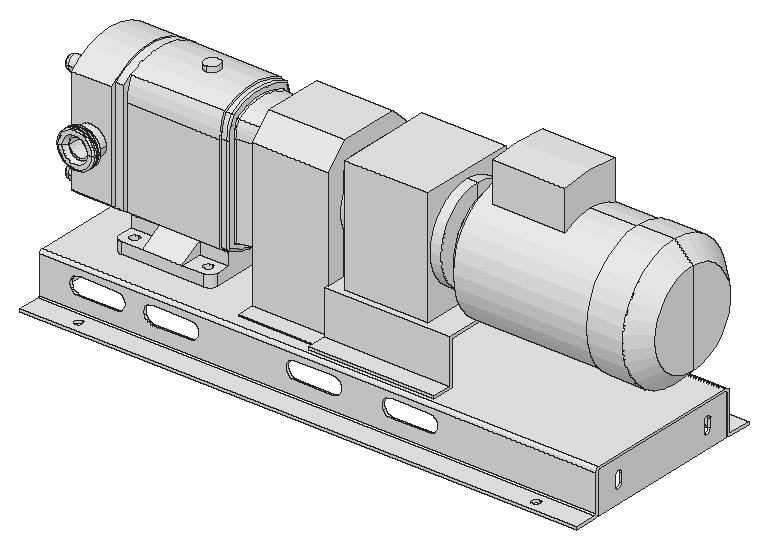
Revit family "MLP 20 - MR172 - Lobe Pump ", category Specialty Equipment, Revit 2022
Family settings
  Round Connector Dimension = Use Diameter
  Part Type = Normal
  Work Plane-Based = Yes
  Always vertical = No
  Cut with Voids When Loaded = No
  Maintain Annotation Orientation = No
  Shared = No
  Room Calculation Point = No
Parameters (values of type "MLP 20 - 1.1 kW")
  URL = "https://en.ekinendustriyel.com/lobe-pumps/lobe-pumps"
  Pressure = 20.0 bar  # constant formula
  Motor Power = 1.1 kW  # constant formula
  Model = "MLP-20 TUL - MR172"
  Manufacturer = "Ekin Endüstriyel"
  Keynote = "Double Serpentine Heater Tank"
  Flow = 2.0 m³/h  # constant formula
  Description = "MIT MLP 20 - Lobe Pump"
  Default Elevation = 1219.2 mm
Reference planes
  plane 1 "Center (Front/Back)": y = 0
  plane 2: z = 0
  plane 3 "Center (Left/Right)": x = 0
Forms (mm)
  Extrusion 1, solid, material "Ekin Endüstriyel_StainlesSteel", detail levels medium+fine
    sketch origin (0, 0, 0) x (1, 0, 0) y (0, 1, 0)
      loop
        arc (-74.75, -55) -> (-71.821, -62.071) -> (-64.75, -65) r 10
        line (-64.75, -65) -> (47.25, -65)
        arc (47.25, -65) -> (54.321, -62.071) -> (57.25, -55) r 10
        line (57.25, -55) -> (57.25, 55)
        arc (57.25, 55) -> (54.321, 62.071) -> (47.25, 65) r 10
        line (47.25, 65) -> (-64.75, 65)
        arc (-64.75, 65) -> (-71.821, 62.071) -> (-74.75, 55) r 10
        line (-74.75, 55) -> (-74.75, -55)
      loop
        circle (-58.75, 50) r 6
      loop
        circle (41.25, 50) r 6
      loop
        circle (41.25, -50) r 6
      loop
        circle (-58.75, -50) r 6
    from 0 to 15
  Extrusion 2, solid, material "Ekin Endüstriyel_StainlesSteel", detail levels medium+fine
    sketch origin (0, 0, 0) x (0, 1, 0) y (0, 0, 1)
      loop
        arc (65, 198) -> (0, 223) -> (-65, 198) r 97
        line (-65, 198) -> (-65, 54)
        arc (-65, 54) -> (0, 29) -> (65, 54) r 97
        line (65, 54) -> (65, 198)
    from -77.25 to -132.25
  Extrusion 3, solid, material "Ekin Endüstriyel_StainlesSteel", detail levels medium+fine
    sketch origin (0, 0, 0) x (0, 1, 0) y (0, 0, 1)
      loop
        arc (-60, 49.783) -> (0, 29) -> (60, 49.783) r 97
        line (60, 49.783) -> (60, 202.217)
        arc (60, 202.217) -> (0, 223) -> (-60, 202.217) r 97
        line (-60, 202.217) -> (-60, 49.783)
    from -77.25 to -65.25
  Extrusion 4, solid, material "Ekin Endüstriyel_StainlesSteel", detail levels medium+fine
    sketch origin (0, 0, 0) x (0, 1, 0) y (0, 0, 1)
      loop
        arc (-48, 210.291) -> (-53.968, 195.324) -> (-56, 179.34) r 63.873
        line (-56, 179.34) -> (-56, 46.798)
        arc (-56, 46.798) -> (0, 29) -> (56, 46.798) r 97
        line (56, 46.798) -> (56, 169.858)
        arc (56, 169.858) -> (53.981, 190.467) -> (48, 210.291) r 106.175
        arc (48, 210.291) -> (0, 223) -> (-48, 210.291) r 97
    from -65.25 to 61.25
  Sweep 5, solid, material "Ekin Endüstriyel_StainlesSteel", detail levels medium+fine
    path in 3D
      loop
        arc (61.25, 48, 210.291) -> (61.25, 53.981, 190.467) -> (61.25, 56, 169.858) r 106.175
        line (61.25, 56, 169.858) -> (61.25, 56, 46.798)
        arc (61.25, 56, 46.798) -> (61.25, 0, 29) -> (61.25, -56, 46.798) r 97
        line (61.25, -56, 46.798) -> (61.25, -56, 179.34)
        arc (61.25, -56, 179.34) -> (61.25, -53.968, 195.324) -> (61.25, -48, 210.291) r 63.873
        arc (61.25, -48, 210.291) -> (61.25, 0, 223) -> (61.25, 48, 210.291) r 97
    profile origin (61.25, 0, 223) x (0, 0, 1) y (1, 0, 0)
      loop
        line (-2, 0) -> (-2, 8.017)
        arc (-2, 8.017) -> (-2.579, 9.414) -> (-3.976, 9.993) r 1.976
        line (-3.976, 9.993) -> (-10.369, 9.993)
        arc (-10.369, 9.993) -> (-11.568, 10.46) -> (-12.137, 11.614) r 1.775
        line (-12.137, 11.614) -> (-14.983, 44.141)
        arc (-14.983, 44.141) -> (-15.624, 45.441) -> (-16.975, 45.967) r 2
        line (-16.975, 45.967) -> (-20.9, 45.967) -> (-20.9, 14) -> (-20.9, 0) -> (-2, 0)
  Extrusion 6, solid, material "Ekin Endüstriyel_StainlesSteel", detail levels medium+fine
    sketch origin (0, 0, 0) x (0, 1, 0) y (0, 0, 1)
      loop
        arc (-32.156, 194.972) -> (-34.357, 187.294) -> (-35.1, 179.34) r 42.973
        line (-35.1, 179.34) -> (-35.1, 58.478)
        arc (-35.1, 58.478) -> (0, 49.9) -> (35.1, 58.478) r 76.1
        line (35.1, 58.478) -> (35.1, 169.858)
        arc (35.1, 169.858) -> (34.114, 182.788) -> (31.179, 195.419) r 85.275
        arc (31.179, 195.419) -> (-0.537, 202.098) -> (-32.156, 194.972) r 76.1
    from 61.25 to 107.217
  Revolve 7, solid, material "Ekin Endüstriyel_StainlesSteel", detail levels medium+fine
    sketch origin (0, 0, 60.254) x (1, 0, 0) y (0, 1, 0)
      loop
        line (-132.25, 49.796) -> (-148.846, 49.796)
        arc (-148.846, 49.796) -> (-150.797, 49.517) -> (-152.592, 48.703) r 6.969
        arc (-152.592, 48.703) -> (-156.06, 44.961) -> (-157.25, 40) r 10.079
        line (-157.25, 40) -> (-132.25, 40) -> (-132.25, 49.796)
      axis (-132.25, 40) -> (-157.25, 40)
    angle from 0 to 360
  Revolve 8, solid, material "Ekin Endüstriyel_StainlesSteel", detail levels medium+fine
    sketch origin (0, 0, 191.816) x (1, 0, 0) y (0, 1, 0)
      loop
        line (-132.25, 49.796) -> (-148.846, 49.796)
        arc (-148.846, 49.796) -> (-150.797, 49.517) -> (-152.592, 48.703) r 6.969
        arc (-152.592, 48.703) -> (-156.06, 44.961) -> (-157.25, 40) r 10.079
        line (-157.25, 40) -> (-132.25, 40) -> (-132.25, 49.796)
      axis (-132.25, 40) -> (-157.25, 40)
    angle from 0 to 360
  Revolve 9, solid, material "Ekin Endüstriyel_StainlesSteel", detail levels medium+fine
    sketch origin (0, 0, 60.254) x (1, 0, 0) y (0, 1, 0)
      loop
        line (-132.25, -49.796) -> (-132.25, -40) -> (-157.25, -40)
        arc (-157.25, -40) -> (-156.06, -44.961) -> (-152.592, -48.703) r 10.079
        arc (-152.592, -48.703) -> (-150.797, -49.517) -> (-148.846, -49.796) r 6.969
        line (-148.846, -49.796) -> (-132.25, -49.796)
      axis (-132.25, -40) -> (-157.25, -40)
    angle from 0 to 360
  Revolve 10, solid, material "Ekin Endüstriyel_StainlesSteel", detail levels medium+fine
    sketch origin (0, 0, 191.816) x (1, 0, 0) y (0, 1, 0)
      loop
        line (-132.25, -49.796) -> (-132.25, -40) -> (-157.25, -40)
        arc (-157.25, -40) -> (-156.06, -44.961) -> (-152.592, -48.703) r 10.079
        arc (-152.592, -48.703) -> (-150.797, -49.517) -> (-148.846, -49.796) r 6.969
        line (-148.846, -49.796) -> (-132.25, -49.796)
      axis (-132.25, -40) -> (-157.25, -40)
    angle from 0 to 360
  Extrusion 11, solid, material "Ekin Endüstriyel_StainlesSteel"
    sketch origin (-132.25, 0, 0) x (0, -1, 0) y (0, 0, 1)
      loop
        circle (0, 126) r 50
    from 0 to 10
  Extrusion 12, solid, material "Ekin Endüstriyel_StainlesSteel", detail levels fine
    sketch origin (107.25, 0, 153) x (0, 0, 1) y (0, 1, 0)
      loop
        circle (0, 0) r 11
    from -46.5 to 0.033
  Extrusion 13, void
    sketch origin (-21, 0, 0) x (1, 0, 0) y (0, 0, 1)
      loop
        line (174.75, 155.948) -> (144.778, 155.948)
        arc (144.778, 155.948) -> (141.778, 152.948) -> (144.778, 149.948) r 3
        line (144.778, 149.948) -> (174.75, 149.948) -> (174.75, 155.948)
    from 5 to 13.662
  Extrusion 14, solid, material "Ekin Endüstriyel_StainlesSteel", detail levels medium+fine
    sketch origin (0, 0, 0) x (0, 1, 0) y (0, 0, 1)
      loop
        line (65, 15) -> (31.591, 34.289)
        arc (31.591, 34.289) -> (0, 29) -> (-31.591, 34.289) r 97
        line (-31.591, 34.289) -> (-65, 15) -> (65, 15)
    from -35.862 to 17.347
  Extrusion 15, solid, material "Ekin Endüstriyel_StainlesSteel", detail levels medium+fine
    sketch origin (0, 0, 0) x (0, 1, 0) y (0, 0, 1)
      loop
        line (34.031, 32.88) -> (31.591, 34.289)
        arc (31.591, 34.289) -> (0, 29) -> (-31.591, 34.289) r 97
        line (-31.591, 34.289) -> (-34.032, 32.879)
        arc (-34.032, 32.879) -> (-34.741, 32.171) -> (-35, 31.203) r 1.936
        line (-35, 31.203) -> (-35, 15) -> (35, 15) -> (35, 31.202)
        arc (35, 31.202) -> (34.74, 32.171) -> (34.031, 32.88) r 1.937
    from -74.75 to 57.25
  Extrusion 16, solid, material "Ekin Endüstriyel_StainlesSteel", detail levels medium+fine
    sketch origin (0, 0, 0) x (1, 0, 0) y (0, 1, 0)
      loop
        circle (6.25, 0) r 10
    from 222.176 to 229
  Extrusion 17, solid, material "Ekin Endüstriyel_StainlesSteel", detail levels medium
    sketch origin (0, 0, 0) x (1, 0, 0) y (0, 0, -1)
      loop
        arc (-93.545, -123.144) -> (-106.245, -110.462) -> (-118.945, -123.144) r 12.7
        arc (-118.945, -123.144) -> (-106.245, -135.825) -> (-93.545, -123.144) r 12.7
      loop
        circle (-106.245, -123.137) r 25.218
    from 65 to 91.469
  Extrusion 18, solid, material "Ekin Endüstriyel_StainlesSteel", detail levels coarse+medium
    sketch origin (-132.25, 0, 0) x (0, -1, 0) y (0, 0, 1)
      loop
        circle (-40, 191.816) r 9.796
      loop
        circle (40, 191.816) r 9.796
      loop
        circle (40, 60.254) r 9.796
      loop
        circle (-40, 60.254) r 9.796
    from 0 to 25.637
  Extrusion 19, solid, material "Ekin Endüstriyel_StainlesSteel", detail levels coarse+medium
    sketch origin (107.25, 0, 153) x (0, 0, 1) y (0, 1, 0)
      loop
        circle (0, 0) r 11
    from -46.5 to 0.033
  Extrusion 20, solid, material "Ekin Endüstriyel_StainlesSteel", detail levels coarse
    sketch origin (0, 0, 0) x (0, 1, 0) y (0, 0, 1)
      loop
        arc (65, 198) -> (0, 223) -> (-65, 198) r 97
        line (-65, 198) -> (-65, 54)
        arc (-65, 54) -> (0, 29) -> (65, 54) r 97
        line (65, 54) -> (65, 198)
    from 107.217 to -132.25
  Extrusion 21, solid, material "Ekin Endüstriyel_StainlesSteel", detail levels coarse
    sketch origin (0, 0, 0) x (1, 0, 0) y (0, 0, -1)
      loop
        circle (-106.245, -123.125) r 25.218
    from 65 to 91.469
  Extrusion 22, solid, material "Ekin Endüstriyel_StainlesSteel", detail levels coarse
    sketch origin (0, 0, 0) x (1, 0, 0) y (0, 1, 0)
      loop
        arc (-74.75, -55) -> (-71.821, -62.071) -> (-64.75, -65) r 10
        line (-64.75, -65) -> (47.25, -65)
        arc (47.25, -65) -> (54.321, -62.071) -> (57.25, -55) r 10
        line (57.25, -55) -> (57.25, 55)
        arc (57.25, 55) -> (54.321, 62.071) -> (47.25, 65) r 10
        line (47.25, 65) -> (-64.75, 65)
        arc (-64.75, 65) -> (-71.821, 62.071) -> (-74.75, 55) r 10
        line (-74.75, 55) -> (-74.75, -55)
    from 0 to 15
  Extrusion 23, solid, material "Ekin Endüstriyel_StainlesSteel", detail levels coarse
    sketch origin (0, 0, 0) x (0, 1, 0) y (0, 0, 1)
      loop
        line (34.031, 32.88) -> (31.591, 34.289)
        arc (31.591, 34.289) -> (0, 29) -> (-31.591, 34.289) r 97
        line (-31.591, 34.289) -> (-34.032, 32.879)
        arc (-34.032, 32.879) -> (-34.741, 32.171) -> (-35, 31.203) r 1.936
        line (-35, 31.203) -> (-35, 15) -> (35, 15) -> (35, 31.202)
        arc (35, 31.202) -> (34.74, 32.171) -> (34.031, 32.88) r 1.937
    from -74.75 to 57.25
  Revolve 24, solid, material "Ekin Endüstriyel_StainlesSteel", detail levels fine
    sketch origin (0, 0, 123.125) x (1, 0, 0) y (0, 1, 0)
      loop
        line (-126.587, -65) -> (-126.587, -80.994) -> (-131.484, -80.994) -> (-129.459, -82.163) -> (-131.462, -83.32) -> (-129.457, -84.477) -> (-131.462, -85.635) -> (-129.459, -86.792) -> (-131.462, -87.948) -> (-129.459, -89.105) -> (-131.462, -90.262) -> (-129.372, -91.469) -> (-123.772, -91.469) -> (-121.234, -84.495) -> (-118.945, -84.495) -> (-118.945, -65) -> (-126.587, -65)
      axis (-106.245, -65) -> (-106.245, -91.469)
    angle from 0 to 360
  Extrusion 25, solid, material "Ekin Endüstriyel_StainlesSteel", detail levels medium
    sketch origin (0, 0, 0) x (1, 0, 0) y (0, 0, 1)
      loop
        circle (-106.245, 123.125) r 12.7
      loop
        circle (-106.245, 123.137) r 25.218
    from 65 to 91.469
  Extrusion 26, solid, material "Ekin Endüstriyel_StainlesSteel", detail levels coarse
    sketch origin (0, 0, 0) x (1, 0, 0) y (0, 0, 1)
      loop
        circle (-106.245, 123.125) r 25.218
    from 65 to 91.469
  Revolve 27, solid, material "Ekin Endüstriyel_StainlesSteel", detail levels fine
    sketch origin (0, 0, 123.125) x (1, 0, 0) y (0, 1, 0)
      loop
        line (-126.587, 65) -> (-118.945, 65) -> (-118.945, 84.495) -> (-121.234, 84.495) -> (-123.772, 91.469) -> (-129.372, 91.469) -> (-131.462, 90.262) -> (-129.459, 89.105) -> (-131.462, 87.948) -> (-129.459, 86.792) -> (-131.462, 85.635) -> (-129.457, 84.477) -> (-131.462, 83.32) -> (-129.459, 82.163) -> (-131.484, 80.994) -> (-126.587, 80.994) -> (-126.587, 65)
      axis (-106.245, 65) -> (-106.245, 91.469)
    angle from 0 to 360
  Extrusion 28, solid, material "Ekin Endüstriyel_StainlesSteel", detail levels medium+fine
    sketch origin (-13.5, 0, 0) x (0, 1, 0) y (0, 0, 1)
      loop
        line (145, -57) -> (114.5, -57)
        arc (114.5, -57) -> (113.086, -56.414) -> (112.5, -55) r 2
        line (112.5, -55) -> (112.5, -5)
        arc (112.5, -5) -> (111.036, -1.464) -> (107.5, 0) r 5
        line (107.5, 0) -> (-107.5, 0)
        arc (-107.5, 0) -> (-111.036, -1.464) -> (-112.5, -5) r 5
        line (-112.5, -5) -> (-112.5, -55)
        arc (-112.5, -55) -> (-113.086, -56.414) -> (-114.5, -57) r 2
        line (-114.5, -57) -> (-145, -57) -> (-145, -60) -> (-114.5, -60)
        arc (-114.5, -60) -> (-110.964, -58.536) -> (-109.5, -55) r 5
        line (-109.5, -55) -> (-109.5, -5)
        arc (-109.5, -5) -> (-108.914, -3.586) -> (-107.5, -3) r 2
        line (-107.5, -3) -> (107.5, -3)
        arc (107.5, -3) -> (108.914, -3.586) -> (109.5, -5) r 2
        line (109.5, -5) -> (109.5, -55)
        arc (109.5, -55) -> (110.964, -58.536) -> (114.5, -60) r 5
        line (114.5, -60) -> (145, -60) -> (145, -57)
    from -124.25 to 629.75
  Extrusion 29, void
    sketch origin (-13.5, -112.5, -5) x (0, 0, -1) y (1, 0, 0)
      loop
        line (7.5, -20.25) -> (7.5, -70.25)
        arc (7.5, -70.25) -> (20, -82.75) -> (32.5, -70.25) r 12.5
        line (32.5, -70.25) -> (32.5, -20.25)
        arc (32.5, -20.25) -> (20, -7.75) -> (7.5, -20.25) r 12.5
      loop
        arc (7.5, 29.75) -> (20, 17.25) -> (32.5, 29.75) r 12.5
        line (32.5, 29.75) -> (32.5, 79.75)
        arc (32.5, 79.75) -> (20, 92.25) -> (7.5, 79.75) r 12.5
        line (7.5, 79.75) -> (7.5, 29.75)
      loop
        line (7, 272.75) -> (7, 222.75)
        arc (7, 222.75) -> (19.5, 210.25) -> (32, 222.75) r 12.5
        line (32, 222.75) -> (32, 272.75)
        arc (32, 272.75) -> (19.5, 285.25) -> (7, 272.75) r 12.5
      loop
        arc (7, 352.75) -> (19.5, 340.25) -> (32, 352.75) r 12.5
        line (32, 352.75) -> (32, 402.75)
        arc (32, 402.75) -> (19.5, 415.25) -> (7, 402.75) r 12.5
        line (7, 402.75) -> (7, 352.75)
    from 0 to -225
  Extrusion 30, solid, material "Ekin Endüstriyel_StainlesSteel", detail levels medium+fine
    sketch origin (-137.75, 0, 0) x (0, -1, 0) y (0, 0, 1)
      loop
        line (-107.5, -60) -> (107.5, -60) -> (107.5, -3) -> (-107.5, -3) -> (-107.5, -60)
      loop
        arc (-69, -24) -> (-75, -18) -> (-81, -24) r 6
        line (-81, -24) -> (-81, -36)
        arc (-81, -36) -> (-75, -42) -> (-69, -36) r 6
        line (-69, -36) -> (-69, -24)
      loop
        arc (81, -24) -> (75, -18) -> (69, -24) r 6
        line (69, -24) -> (69, -36)
        arc (69, -36) -> (75, -42) -> (81, -36) r 6
        line (81, -36) -> (81, -24)
    from 0 to -3
  Extrusion 31, solid, material "Ekin Endüstriyel_StainlesSteel", detail levels medium+fine
    sketch origin (613.25, 0, 0) x (0, -1, 0) y (0, 0, 1)
      loop
        line (-107.5, -60) -> (107.5, -60) -> (107.5, -3) -> (-107.5, -3) -> (-107.5, -60)
      loop
        arc (-69, -24) -> (-75, -18) -> (-81, -24) r 6
        line (-81, -24) -> (-81, -36)
        arc (-81, -36) -> (-75, -42) -> (-69, -36) r 6
        line (-69, -36) -> (-69, -24)
      loop
        arc (81, -24) -> (75, -18) -> (69, -24) r 6
        line (69, -24) -> (69, -36)
        arc (69, -36) -> (75, -42) -> (81, -36) r 6
        line (81, -36) -> (81, -24)
    from 0 to -3
  Extrusion 32, void
    sketch origin (-13.5, 0, 0) x (1, 0, 0) y (0, 1, 0)
      loop
        circle (562.75, 130) r 5.5
      loop
        circle (-57.25, 130) r 5.5
      loop
        circle (-57.25, -130) r 5.5
      loop
        circle (562.75, -130) r 5.5
    from -60 to -57
  Extrusion 33, solid, material "Ekin Endüstriyel_StainlesSteel", detail levels coarse
    sketch origin (-13.5, 0, 0) x (1, 0, 0) y (0, 1, 0)
      loop
        line (-124.25, -145) -> (629.75, -145) -> (629.75, 145) -> (-124.25, 145) -> (-124.25, -145)
    from 0 to -60
  Extrusion 34, solid, material "Ekin Endüstriyel_StainlesSteel", detail levels medium+fine
    sketch origin (112.75, 0, 0) x (0, 1, 0) y (0, 0, 1)
      loop
        line (-68.052, 199.987) -> (-68.052, 1.499) -> (-91.833, 1.499) -> (-91.833, 0) -> (-43.922, 0) -> (-43.922, 189.992) -> (-30.826, 203.088) -> (30.828, 203.088) -> (43.924, 189.992) -> (43.924, 0) -> (91.835, 0) -> (91.835, 1.499) -> (68.054, 1.499) -> (68.054, 199.987) -> (40.823, 227.218) -> (-40.821, 227.218) -> (-68.052, 199.987)
    from 2.472 to 105.552
  Extrusion 35, solid, material "Ekin Endüstriyel_StainlesSteel", detail levels coarse
    sketch origin (-13.5, 0, 0) x (0, 1, 0) y (0, 0, 1)
      loop
        line (-75, 63) -> (-75, 0) -> (75, 0) -> (75, 63) -> (-75, 63)
    from 231.75 to 401.75
  Extrusion 36, solid, material "Ekin Endüstriyel_StainlesSteel", detail levels coarse
    sketch origin (112.75, 0, 0) x (0, 1, 0) y (0, 0, 1)
      loop
        line (-68.052, 199.987) -> (-68.052, 0) -> (68.054, 0) -> (68.054, 199.987) -> (40.823, 227.218) -> (-40.821, 227.218) -> (-68.052, 199.987)
    from 2.472 to 105.552
  Extrusion 37, solid, material "Ekin Endüstriyel_StainlesSteel", detail levels medium+fine
    sketch origin (-13.5, 0, 0) x (0, 1, 0) y (0, 0, 1)
      loop
        line (-102, 3) -> (-102, 0) -> (-72, 0) -> (-72, 60) -> (72, 60) -> (72, 0) -> (102, 0) -> (102, 3) -> (75, 3) -> (75, 63) -> (-75, 63) -> (-75, 3) -> (-102, 3)
    from 231.75 to 401.75
  Extrusion 38, solid, material "Ekin Endüstriyel_StainlesSteel", detail levels coarse
    sketch origin (-13.5, 0, 0) x (0, 1, 0) y (0, 0, 1)
      loop
        circle (-0.388, 147.07) r 88.007
    from 364.221 to 670.86
  Extrusion 39, solid, material "Ekin Endüstriyel_StainlesSteel", detail levels medium+fine
    sketch origin (-13.5, 0, 0) x (0, 1, 0) y (0, 0, 1)
      loop
        line (-65.002, 63) -> (66.06, 63) -> (66.06, 220) -> (-65.002, 220) -> (-65.002, 63)
    from 251.329 to 364.221
  Revolve 40, solid, material "Ekin Endüstriyel_StainlesSteel", detail levels medium+fine
    sketch origin (-13.5, -0.387, 73) x (0, 0, -1) y (1, 0, 0)
      loop
        line (-74.07, 670.649) -> (-137.618, 670.649) -> (-162.077, 646.19) -> (-162.077, 597.205) -> (-159.117, 597.205) -> (-159.117, 414.606) -> (-145.045, 414.606) -> (-137.651, 397.961) -> (-111.628, 397.961) -> (-111.628, 379.661) -> (-136.768, 379.661) -> (-136.768, 364.221) -> (-74.07, 364.221) -> (-74.07, 670.649)
      loop
        line (-129.237, 238.365) -> (-114.745, 238.365) -> (-114.745, 233.25) -> (-97.485, 233.25) -> (-97.485, 231.802) -> (-74.07, 231.802) -> (-74.07, 251.329) -> (-129.489, 251.329) -> (-129.237, 238.365)
      axis (-74.07, 231.802) -> (-74.07, 670.649)
    angle from 0 to 360
  Extrusion 41, solid, material "Ekin Endüstriyel_StainlesSteel", detail levels medium+fine
    sketch origin (657.149, -0.387, 147.07) x (0, 1, 0) y (0, 0, 1)
      loop
        line (-42.128, 40.981) -> (42.913, 40.981) -> (42.913, 127.551)
        arc (42.913, 127.551) -> (0.39, 130.961) -> (-42.128, 127.487) r 264.363
        line (-42.128, 127.487) -> (-42.128, 40.981)
    from -236.966 to -139.337
  Extrusion 42, solid, material "Ekin Endüstriyel_StainlesSteel", detail levels coarse
    sketch origin (-13.5, -70, 63) x (0, 1, 0) y (-1, 0, 0)
      loop
        line (135.285, -364.221) -> (135.285, -231.75) -> (4.813, -231.75) -> (4.813, -364.221) -> (135.285, -364.221)
    from 0 to 157
Cuts and joins
  joined: Sweep 5, Extrusion 6
  Extrusion 13 cuts Extrusion 12
  joined: Extrusion 3, Extrusion 4, Extrusion 16
  joined: Extrusion 1, Extrusion 14, Extrusion 15
  Extrusion 29, Extrusion 32 cuts Extrusion 28
  joined: Revolve 40, Extrusion 41
Lines and regions (mm)
  sketch lines
    curve 1: arc (61.25, -48, 210.291) -> (61.25, 0, 223) -> (61.25, 48, 210.291) r 97
    curve 2: arc (61.25, -56, 179.34) -> (61.25, -53.968, 195.324) -> (61.25, -48, 210.291) r 63.873
    curve 3: line (61.25, -56, 179.34) -> (61.25, -56, 46.798)
    curve 4: arc (61.25, 56, 46.798) -> (61.25, 0, 29) -> (61.25, -56, 46.798) r 97
    curve 5: line (61.25, 56, 46.798) -> (61.25, 56, 169.858)
    curve 6: arc (61.25, 48, 210.291) -> (61.25, 53.981, 190.467) -> (61.25, 56, 169.858) r 106.175
Dimensions and locks
  aligned and locked: level to plane 2
Connectors
  piping at (-106.245, 91.469, 123.144), diameter 25.4
    settings: on Extrusion 17, index 2, connector inside diameter 609.6 mm, connector length 0 mm, flow factor 0, pipe flow 0.0 m³/h, pressure drop 0.0 bar, fitting loss kfactor 0, connector angle 0.00°, fixture units 0, engagement length 0 mm, angle of deflection 0.00°, flow configuration 0, flow direction 0, fitting loss method 0, system type 7, joint type 0, gender type 0, connector reference index -1, connector utility 0, adjustable connector no, is connector primary yes, connector description ""
  piping at (-106.245, -91.469, 123.125), diameter 25.4
    settings: on Extrusion 25, index 3, connector inside diameter 609.6 mm, connector length 0 mm, flow factor 0, pipe flow 0.0 m³/h, pressure drop 0.0 bar, fitting loss kfactor 0, connector angle 0.00°, fixture units 0, engagement length 0 mm, angle of deflection 0.00°, flow configuration 0, flow direction 0, fitting loss method 0, system type 7, joint type 0, gender type 0, connector reference index -1, connector utility 0, adjustable connector no, is connector primary no, connector description ""
